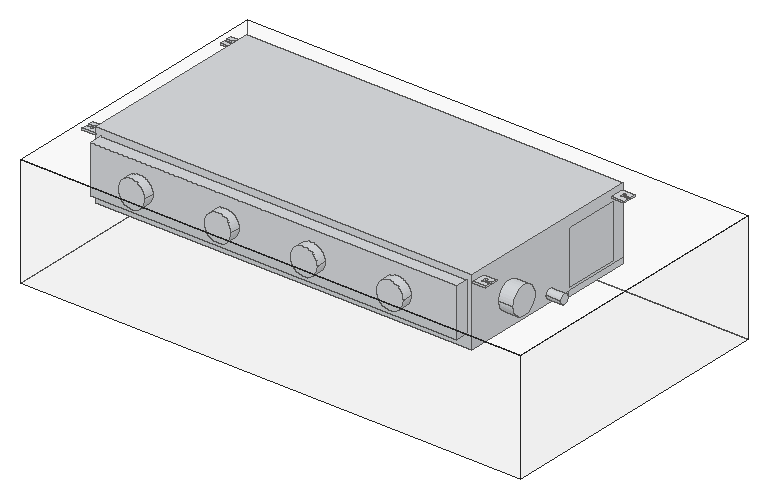
Revit family "pd-rp40_160ga17_50H_モデル修正z", category 機械設備, Revit 2019
Family settings
  丸型コネクタ寸法 = 直径を使用
  パーツ タイプ = 標準
  OmniClass 番号 = 23.75.10.24.21.27.27
  OmniClass タイトル = Split System Air Conditioning Units
  作業面ベース = いいえ
  常に垂直 = いいえ
  ロード時にボイドで切り取り = いいえ
  共有 = いいえ
  部屋計算ポイント = はい
Parameters (values of type "PD-RP112GA17")
  騒音レベル（弱）(dB) = 59
  騒音レベル（中）(dB) = 60
  風量（弱）（m3／min） = 20
  風量（中）（m3／min） = 24
  風量（m3／min） = 28
  音響パワーレベル(dB) = 62
  電圧_電気ヒーター = 0 V
  電動機出力_送風機 = 244 W
  運転質量 = 0.00 kg
  連動 = ""
  説明 = "店舗・事務所用パッケージエアコン(Mr.SLIM) 天井ビルトイン形"
  設計暖房能力 [instance] = 0 W
  設計冷房能力_顕熱 [instance] = 0 W
  設計冷房能力 [instance] = 0 W
  設置方法 = "天井吊(隠ぺい)形"
  製造元 = "三菱電機株式会社"
  製品質量 = 42.00 kg
  製品出荷対象 = "国内"
  製品リリース年月 = "2021年5月10日"
  製品グループ = ""
  系統 [instance] = ""
  相_電気ヒーター = 1
  盤記号 [instance] = ""
  特殊仕様 [instance] = ""
  火災停止 = ""
  消費電力_電気ヒーター = 0 W
  消費電力_暖房 = 190 W
  消費電力_加湿器 = 0 W
  消費電力_冷房 = 190 W
  消費電力 = if(消費電力_冷房 > 消費電力_暖房, 消費電力_冷房, 消費電力_暖房) + 消費電力_加湿器 + 消費電力_電気ヒーター  # 190 W
  法定耐用年数 = "15"
  機外静圧 = 10.0 Pa
  極数 = 3
  材質 [instance] = ""
  新鮮空気取入口 = 0 mm
  形式_加湿器 = ""
  形式 = "天井吊（隠ぺい）形（片ダクト形）"
  幹線記号 [instance] = ""
  呼称 = "室内機_天井吊(隠ぺい)形(⽚ダクト形)"
  台数_手元リモコン [instance] = ""
  台数_冷媒分岐ユニット [instance] = ""
  参照している仕様書等のバージョン = "公共建築工事標準仕様書（機械設備工事編）平成31年度版"
  加湿給水管径 = 0.00 mm
  分類コード = "50053003123050"
  分類グループ = ""
  冷媒高低圧ガス管径 = 0.00 mm
  価格 = 0
  企業コード = "108420"
  付属品_フィルター = ""
  付属品 [instance] = ""
  仕様書バージョン = "Version1.0"
  モデル = "PD-RP112GA17"
  パネルマテリアル = none
  チャンバーボックス [instance] = yes
  ダクト高 = 178 mm
  ダクト幅 = 1360 mm
  コメント [instance] = ""
  Keynote = ""
  Width = 1400 mm
  Version = ""
  Uniclass2015Version = "Systems v1.9"
  Uniclass2015Title = "Split coil remote air cooled condensing units"
  Uniclass2015Code = "Pr_70_65_03_84"
  URL = "https://www.mitsubishielectric.co.jp/ldg/wink/ssl/displayProduct.do?pid=310210"
  SpecificationReference = ""
  SpecificationDescription = ""
  風量 = MAX風量  # 1680.0 m³/h
  電源種別 = ""
  電圧 = 200 V
  質量 = if(製品質量 > 運転質量, 製品質量, 運転質量) * 1.2  # 50.40 kg
  負荷分類 = 3_ファン類
  記号 [instance] = ""
  符号 = "PAC-CIS"
  積算_科目 = "1 空気調和設備"
  積算_拾い区分 [instance] = ""
  相 = 1
  発停方法 = ""
  本体マテリアル = none
  有効加湿量 = 0
  暖房能力 = 11200 W
  始動方式 = "直入"
  周波数 = 50 Hz
  冷房能力 = 10000 W
  冷媒管径符号 = "Bd"
  冷媒管径 = 100.00 mm
  冷媒液管径 = 9.52 mm
  冷媒ガス管径 = 15.88 mm
  ドレン管径 = 32.00 mm
  Revision = ""
  ProductInformation = ""
  OmniClassCode = "23-33 17 13 11"
  MIN風量 = 風量（弱）（m3／min） * 60.0 m³/h  # 1200.0 m³/h
  MID風量 = 風量（中）（m3／min） * 60.0 m³/h  # 1440.0 m³/h
  MAX風量 = 風量（m3／min） * 60.0 m³/h  # 1680.0 m³/h
  IfcTypeProduct = ""
  IfcProduct = ""
  IfcExportType = "AIRCONDITIONINGUNIT"
  IfcExportAs = "IfcUnitaryEquipmentType"
  Height = 272 mm
  Depth = 701 mm
  Author = "三菱電機株式会社"
Types (9, lengths in mm): name | 騒音レベル（弱）(dB) | 騒音レベル（中）(dB) | 風量（弱）（m3／min） | 風量（中）（m3／min） | 風量（m3／min） | 音響パワーレベル(dB) | 電動機出力_送風機 | 製品質量 | 消費電力_暖房 | 消費電力_冷房 | 消費電力 | モデル | ダクト幅 | Width | URL | 風量 | 質量 | 暖房能力 | 冷房能力 | 冷媒管径符号 | 冷媒液管径 | 冷媒ガス管径 | MIN風量 | MID風量 | MAX風量
  PD-RP40GA17 | 52 | 55 | 10 | 12 | 14 | 58 | 85 W | 29.00 kg | 100 W | 100 W | 100 W | "PD-RP40GA17" | 860 | 900 | "https://www.mitsubishielectric.co.jp/ldg/wink/ssl/displayProduct.do?pid=310204" | 840.0 m³/h | 34.80 kg | 4000 W | 3600 W | "Ac" | 6.35 | 12.70 | 600.0 m³/h | 720.0 m³/h | 840.0 m³/h
  PD-RP50GA17 | 53 | 55 | 10 | 12 | 14 | 59 | 85 W | 29.00 kg | 100 W | 100 W | 100 W | "PD-RP50GA17" | 860 | 900 | "https://www.mitsubishielectric.co.jp/ldg/wink/ssl/displayProduct.do?pid=310205" | 840.0 m³/h | 34.80 kg | 5000 W | 4500 W | "Ac" | 6.35 | 12.70 | 600.0 m³/h | 720.0 m³/h | 840.0 m³/h
  PD-RP56GA17 | 53 | 56 | 10 | 12 | 14 | 59 | 85 W | 29.00 kg | 100 W | 100 W | 100 W | "PD-RP56GA17" | 860 | 900 | "https://www.mitsubishielectric.co.jp/ldg/wink/ssl/displayProduct.do?pid=310206" | 840.0 m³/h | 34.80 kg | 5600 W | 5000 W | "Ac" | 6.35 | 12.70 | 600.0 m³/h | 720.0 m³/h | 840.0 m³/h
  PD-RP63GA17 | 54 | 57 | 13 | 16 | 19 | 60 | 121 W | 33.00 kg | 100 W | 100 W | 100 W | "PD-RP63GA17" | 1060 | 1100 | "https://www.mitsubishielectric.co.jp/ldg/wink/ssl/displayProduct.do?pid=310206" | 1140.0 m³/h | 39.60 kg | 6300 W | 5600 W | "Ac" | 6.35 | 12.70 | 780.0 m³/h | 960.0 m³/h | 1140.0 m³/h
  PD-RP71GA17 | 55 | 57 | 13 | 16 | 19 | 60 | 121 W | 33.00 kg | 100 W | 100 W | 100 W | "PD-RP71GA17" | 1060 | 1100 | "https://www.mitsubishielectric.co.jp/ldg/wink/ssl/displayProduct.do?pid=310208" | 1140.0 m³/h | 39.60 kg | 7000 W | 6300 W | "Bd" | 9.52 | 15.88 | 780.0 m³/h | 960.0 m³/h | 1140.0 m³/h
  PD-RP80GA17 | 56 | 57 | 13 | 16 | 19 | 60 | 121 W | 33.00 kg | 100 W | 100 W | 100 W | "PD-RP80GA17" | 1060 | 1100 | "https://www.mitsubishielectric.co.jp/ldg/wink/ssl/displayProduct.do?pid=310209" | 1140.0 m³/h | 39.60 kg | 8000 W | 7100 W | "Bd" | 9.52 | 15.88 | 780.0 m³/h | 960.0 m³/h | 1140.0 m³/h
  PD-RP112GA17 | 59 | 60 | 20 | 24 | 28 | 62 | 244 W | 42.00 kg | 190 W | 190 W | 190 W | "PD-RP112GA17" | 1360 | 1400 | "https://www.mitsubishielectric.co.jp/ldg/wink/ssl/displayProduct.do?pid=310210" | 1680.0 m³/h | 50.40 kg | 11200 W | 10000 W | "Bd" | 9.52 | 15.88 | 1200.0 m³/h | 1440.0 m³/h | 1680.0 m³/h
  PD-RP140GA17 | 61 | 62 | 22 | 26 | 31 | 64 | 244 W | 42.00 kg | 220 W | 220 W | 220 W | "PD-RP140GA17" | 1360 | 1400 | "https://www.mitsubishielectric.co.jp/ldg/wink/ssl/displayProduct.do?pid=310233" | 1860.0 m³/h | 50.40 kg | 14000 W | 12500 W | "Bd" | 9.52 | 15.88 | 1320.0 m³/h | 1560.0 m³/h | 1860.0 m³/h
  PD-RP160GA17 | 63 | 65 | 24 | 29 | 34 | 67 | 244 W | 42.00 kg | 260 W | 260 W | 260 W | "PD-RP160GA17" | 1360 | 1400 | "https://www.mitsubishielectric.co.jp/ldg/wink/ssl/displayProduct.do?pid=310212" | 2040.0 m³/h | 50.40 kg | 16000 W | 14000 W | "Bd" | 9.52 | 15.88 | 1440.0 m³/h | 1740.0 m³/h | 2040.0 m³/h
Reference planes
  plane 1 "中心(正面/背面)": y = 0
  plane 2: z = 0
  plane 3 "中心(左/右)": x = 0
  plane 4: z = 272
  plane 5 "左": x = -700
  plane 6 "右": x = 700
  plane 7: y = 350.5
  plane 8: y = -350.5
  plane 9: y = 407.5
  plane 10: x = -740
  plane 11: x = 1120
  plane 12: y = -650.5
  plane 13: z = 282
  plane 14: z = -130
Lines and regions (mm)
  Masking region 1
    outline origin (0, 0, 2438.4) x (1, 0, 0) y (0, 1, 0)
      loop
        line (-700, 350.5) -> (-700, -350.5) -> (700, -350.5) -> (700, 350.5) -> (-700, 350.5)
Dimensions and locks
  "Width": plane 5 "左" to plane 6 "右"
  equal spacing: plane 5 "左", plane 3 "中心(左/右)", plane 6 "右"  (x2)
  equal spacing: plane 8, plane 1 "中心(正面/背面)", plane 7
  plane 8 to plane 7 = 701 mm
  "Height": plane 4 to plane 2
  locked: plane 10 to plane 5 "左" at 40
  locked: plane 6 "右" to plane 11 at 420
  locked: plane 7 to plane 9 at 57
  locked: plane 12 to plane 8 at 300
  locked: plane 13 to plane 4 at 10
  locked: plane 2 to plane 14 at 130
  aligned and locked: level to plane 2
  aligned and locked: plane 7 to Masking region 1 sketch curve
  aligned and locked: Masking region 1 sketch curve to plane 8
  aligned and locked: plane 3 "中心(左/右)" to nested 1
  aligned and locked: plane 1 "中心(正面/背面)" to nested 1
  aligned and locked: plane 11 to nested 2
  aligned and locked: plane 12 to nested 2
  aligned and locked: plane 10 to nested 2
  aligned and locked: plane 9 to nested 2
  aligned and locked: plane 14 to nested 2
  aligned and locked: plane 13 to nested 2
Automatic sketch dimensions
  Masking region 1 sketch curve to plane 5 "左" = 0 mm
  Masking region 1 sketch curve to plane 6 "右" = 0 mm
Nested families
  nested 1: "PD-RP-GA" at (0, 0, 0), ダクト幅 <- "ダクト幅", ダクト高 <- "ダクト高", ①奥行き <- "Depth", ①幅 <- "Width", type "PD-RP-GA"
    with 配管径 100 mm, 液径 9.52 mm, 液W 57 mm, 液H 122 mm, 液D 136 mm, 吊りボルトW 1454 mm, 吊りボルトH 20 mm, 吊りボルトD 643 mm, 加湿器径 0 mm, 加湿器W 0 mm, 加湿器H 0 mm, 加湿器D 0 mm, ドレン径 32 mm, ドレンW 58 mm, ドレンH 217 mm, ドレンD 356 mm, ダクト高 178 mm, ダクト幅 1360 mm, ダクト④ yes, ダクト③ yes, ダクト② yes, ダクト① yes, ガス径 15.88 mm, ガスW 78 mm, ガスH 33 mm, ガスD 67 mm, ①高さ 250 mm, ①幅 1400 mm, ①奥行き 701 mm, G 320 mm, F 320 mm, E 320 mm, D 220 mm
  nested 2: "サービススペース(PD-RP-GA)" at (190, -121.5, 76), type "サービススペース(PD-RP-GA)"
    with Width 1860 mm, Height 412 mm, Depth 1058 mm
Connectors
  electrical at (701, 200.5, 133), driven by "極数", driven by "負荷分類", driven by "電圧", driven by "消費電力"
    settings: on nested 1, index 1, voltage 200 V, apparent load 190 VA, apparent load phase1 0 VA, apparent load phase2 0 VA, apparent load phase3 0 VA, power factor 1, load classification "3_ファン類", number of poles 3, system type 30, power factor state 1, is connector primary yes, connector utility no, sub classification motor no, connector description ""
  piping at (757, -181, 133.5), diameter 100, driven by "冷媒管径", driven by "冷媒管径符号"
    settings: on nested 1, index 2, connector inside diameter 609.60 mm, connector length 0 mm, flow factor 0, pipe flow 0.0 L/s, pressure drop 0.0 Pa, fitting loss kfactor 0, connector angle 0.00°, fixture units 0, engagement length 0 mm, angle of deflection 0.00°, flow configuration 0, flow direction 1, fitting loss method 4, system type 7, joint type 0, gender type 0, connector reference index -1, connector utility 0, adjustable connector no, is connector primary yes, connector description "Bd"
  piping at (758, 5.5, 55), diameter 32, driven by "ドレン管径"
    settings: on nested 1, index 3, connector inside diameter 609.60 mm, connector length 0 mm, flow factor 0, pipe flow 0.0 L/s, pressure drop 0.0 Pa, fitting loss kfactor 0, connector angle 0.00°, fixture units 0, engagement length 0 mm, angle of deflection 0.00°, flow configuration 0, flow direction 2, fitting loss method 4, system type 16, joint type 0, gender type 0, connector reference index -1, connector utility 0, adjustable connector no, is connector primary no, connector description ""
  hvac at (0, -397.5, 160), driven by "ダクト高", driven by "ダクト幅"
    settings: on nested 1, index 4, duct flow 0.0 m³/h, flow factor 0, pres drop 0.0 Pa, loss coef 0, conn angle 0.00°, conn width 1360 mm, conn height 178 mm, conn diameter 609.6 mm, duct sys type 3, conn prof type 1, flow config 0, flow direction 2, loss method 4, conn ref index -1, conn util no, is conn primary yes, conn desc ""
Definition of nested family "PD-RP-GA"
  Parameters (values of type "PD-RP-GA")
    加湿器径 [instance] = 0 mm
    加湿器W [instance] = 0 mm
    加湿器H [instance] = 0 mm
    加湿器D [instance] = 0 mm
    液径 [instance] = 9.52 mm
    吊りボルトW [instance] = ①幅 + 54 mm  # 954 mm
    吊りボルトH [instance] = 20 mm
    吊りボルトD [instance] = 643 mm  # constant formula
    配管径 [instance] = 100 mm  # constant formula
    液W [instance] = 57 mm  # constant formula
    液H [instance] = 122 mm  # constant formula
    液D [instance] = 136 mm  # constant formula
    ドレン径 [instance] = 32 mm  # constant formula
    ドレンW [instance] = 58 mm  # constant formula
    ドレンH [instance] = 217 mm  # constant formula
    ドレンD [instance] = 356 mm  # constant formula
    ダクト高 [instance] = 178 mm
    ダクト幅 [instance] = 860 mm
    ダクト④ [instance] = ①幅 > 1300 mm  # no
    ダクト③ [instance] = ①幅 > 1000 mm  # no
    ダクト② [instance] = yes
    ダクト① [instance] = yes
    ガス径 [instance] = 15.88 mm
    ガスW [instance] = 78 mm  # constant formula
    ガスH [instance] = 33 mm  # constant formula
    ガスD [instance] = 67 mm  # constant formula
    ①幅 [instance] = 900 mm
    ①高さ [instance] = 250 mm
    ①奥行き [instance] = 701 mm
    G [instance] = 320 mm  # constant formula
    F [instance] = 320 mm  # constant formula
    E [instance] = if(①幅 = 1400 mm, 320 mm, if(①幅 = 1100 mm, 330 mm, 450 mm))  # 450 mm
    D [instance] = if(①幅 = 1400 mm, 220 mm, if(①幅 = 1100 mm, 230 mm, 225 mm))  # 225 mm
  Reference planes
    plane 1 "中心(正面/背面)": y = 0
    plane 2: z = 0
    plane 3 "中心(左/右)": x = 0
    plane 4: x = -450
    plane 5: x = 450
    plane 6: y = 350.5
    plane 7: y = -350.5
    plane 8: z = 272
    plane 9: y = 317.5
    plane 10: y = -325.5
    plane 11: x = -477
    plane 12: x = 477
    plane 13: y = 421.5
    plane 14: z = 252
    plane 15: z = 247
    plane 16: y = -397.5
    plane 17: x = 430
    plane 18: x = -430
    plane 19: y = -432.5
    plane 20: z = 71
    plane 21: z = 249
    plane 22: x = -500
    plane 23: x = 500
    plane 24: y = -300.5
    plane 25: y = 342.5
    plane 26: y = 292.5
    plane 27: x = -565
    plane 28: x = -245
    plane 29: x = 205
    plane 30: x = -885
    plane 31: z = 156
    plane 32: z = 22
    plane 33: y = 100.5
    plane 34: y = 5.5
    plane 35: y = -147.5
    plane 36: y = -214.5
    plane 37: y = -181
    plane 38: z = 150
    plane 39: z = 117
    plane 40: z = 133.5
    plane 41: x = 507
    plane 42: x = 508
    plane 43: z = 55
    plane 44: x = 451
  Forms (mm)
    Extrusion 1, solid, detail levels fine
      sketch origin (0, 0, 0) x (1, 0, 0) y (0, 1, 0)
        loop
          line (-450, 350.5) -> (-450, -350.5) -> (450, -350.5) -> (450, 350.5) -> (-450, 350.5)
      from 22 to 272
    Extrusion 2, solid, detail levels fine
      sketch origin (0, 0, 0) x (1, 0, 0) y (0, 0, 1)
        loop
          line (430, 249) -> (-430, 249) -> (-430, 71) -> (430, 71) -> (430, 249)
      from 350.5 to 397.5
    Extrusion 3, solid, detail levels fine
      sketch origin (0, 0, 0) x (1, 0, 0) y (0, 1, 0)
        loop
          line (450, 342.5) -> (450, 292.5) -> (500, 292.5) -> (500, 312.5) -> (482, 312.5)
          arc (482, 312.5) -> (477, 307.5) -> (472, 312.5) r 5
          line (472, 312.5) -> (472, 322.5)
          arc (472, 322.5) -> (477, 327.5) -> (482, 322.5) r 5
          line (482, 322.5) -> (500, 322.5) -> (500, 342.5) -> (450, 342.5)
        loop
          line (500, -300.5) -> (450, -300.5) -> (450, -350.5) -> (500, -350.5) -> (500, -330.5) -> (482, -330.5)
          arc (482, -330.5) -> (477, -335.5) -> (472, -330.5) r 5
          line (472, -330.5) -> (472, -320.5)
          arc (472, -320.5) -> (477, -315.5) -> (482, -320.5) r 5
          line (482, -320.5) -> (500, -320.5) -> (500, -300.5)
        loop
          line (-500, 342.5) -> (-500, 322.5) -> (-482, 322.5)
          arc (-482, 322.5) -> (-477, 327.5) -> (-472, 322.5) r 5
          line (-472, 322.5) -> (-472, 312.5)
          arc (-472, 312.5) -> (-477, 307.5) -> (-482, 312.5) r 5
          line (-482, 312.5) -> (-500, 312.5) -> (-500, 292.5) -> (-450, 292.5) -> (-450, 342.5) -> (-500, 342.5)
        loop
          line (-500, -300.5) -> (-500, -320.5) -> (-482, -320.5)
          arc (-482, -320.5) -> (-477, -315.5) -> (-472, -320.5) r 5
          line (-472, -320.5) -> (-472, -330.5)
          arc (-472, -330.5) -> (-477, -335.5) -> (-482, -330.5) r 5
          line (-482, -330.5) -> (-500, -330.5) -> (-500, -350.5) -> (-450, -350.5) -> (-450, -300.5) -> (-500, -300.5)
      from 247 to 252
    Extrusion 4, solid, visible <- "ダクト①", detail levels fine
      sketch origin (0, 0, 0) x (1, 0, 0) y (0, 0, 1)
        loop
          circle (205, 156) r 50
      from 397.5 to 432.5
    Extrusion 5, solid, detail levels fine
      sketch origin (0, 0, 0) x (1, 0, 0) y (0, 1, 0)
        loop
          line (-450, 350.5) -> (-450, 100.5) -> (450, 100.5) -> (450, 350.5) -> (-450, 350.5)
      from 0 to 22
    Extrusion 6, solid, detail levels fine
      sketch origin (0, 0, 0) x (0, 1, 0) y (0, 0, 1)
        loop
          circle (-181, 133.5) r 50
      from 450 to 507
    Extrusion 7, solid, detail levels fine
      sketch origin (0, 0, 0) x (0, 1, 0) y (0, 0, 1)
        loop
          circle (5.5, 55) r 16
      from 450 to 508
    Extrusion 8, solid, detail levels fine
      sketch origin (0, 0, 0) x (0, 1, 0) y (0, 0, 1)
        loop
          line (100.5, 231) -> (100.5, 35) -> (300.5, 35) -> (300.5, 231) -> (100.5, 231)
      from 450 to 451
    Extrusion 9, solid, visible <- "ダクト②", detail levels fine
      sketch origin (-180, 0, 0) x (1, 0, 0) y (0, 0, 1)
        loop
          circle (-65, 156) r 50
      from 397.5 to 432.5
    Extrusion 10, solid, visible <- "ダクト③", detail levels fine
      sketch origin (-360, 0, 0) x (1, 0, 0) y (0, 0, 1)
        loop
          circle (-205, 156) r 50
      from 397.5 to 432.5
    Extrusion 11, solid, visible <- "ダクト④", detail levels fine
      sketch origin (-540, 0, 0) x (1, 0, 0) y (0, 0, 1)
        loop
          circle (-345, 156) r 50
      from 397.5 to 432.5
  Dimensions and locks
    equal spacing: plane 7, plane 1 "中心(正面/背面)", plane 6
    "①奥行き": plane 7 to plane 6
    equal spacing: plane 4, plane 3 "中心(左/右)", plane 5
    "①幅": plane 4 to plane 5
    equal spacing: plane 11, plane 3 "中心(左/右)", plane 12
    "吊りボルトW": plane 11 to plane 12
    locked: plane 8 to plane 14 at 20
    locked: plane 14 to plane 15 at 5
    "ダクト幅": plane 17 to plane 18
    locked: plane 5 to plane 17 at 20
    "ダクト高": plane 21 to plane 20
    locked: plane 22 to plane 11 at 23
    locked: plane 12 to plane 23 at 23
    locked: plane 9 to plane 6 at 33
    "吊りボルトD": plane 10 to plane 9
    plane 26 to plane 9 to plane 25 = 25 mm locked, 25 mm locked
    plane 7 to plane 10 to plane 24 = 25 mm, 25 mm
    locked: plane 8 to plane 21 at 23
    locked: plane 16 to plane 7 at 47
    locked: plane 19 to plane 16 at 35
    "D": plane 29 to plane 17
    "E": plane 28 to plane 29
    "F": plane 27 to plane 28
    "G": plane 30 to plane 27
    locked: plane 8 to plane 31 at 116
    locked: plane 32 to level at 22
    "①高さ": plane 8 to plane 32
    locked: plane 33 to plane 6 at 250
    "液D": plane 7 to plane 36
    "ドレンD": plane 7 to plane 34
    "ガスD": plane 36 to plane 35
    equal spacing: plane 36, plane 37, plane 35
    "液H": plane 8 to plane 38
    "ガスH": plane 38 to plane 39
    equal spacing: plane 38, plane 40, plane 39
    "液W": plane 5 to plane 41
    "ドレンW": plane 5 to plane 42
    "ドレンH": plane 8 to plane 43
    plane 8 to plane 43 = 217 mm
    locked: plane 5 to plane 44 at 1
    radius of Extrusion 4 sketch curve = 50 mm
    "配管径": diameter of Extrusion 6 sketch curve
    "ドレン径": diameter of Extrusion 7 sketch curve
    radius of Extrusion 9 sketch curve = 50 mm
    radius of Extrusion 10 sketch curve = 50 mm
    radius of Extrusion 11 sketch curve = 50 mm
    aligned and locked: level to plane 2
    aligned and locked: plane 6 to Extrusion 1 sketch curve
    aligned and locked: plane 4 to Extrusion 1 sketch curve
    aligned and locked: Extrusion 1 sketch curve to plane 7
    aligned and locked: Extrusion 1 sketch curve to plane 5
    aligned and locked: plane 8 to Extrusion 1
    aligned and locked: plane 21 to Extrusion 2 sketch curve
    aligned and locked: plane 17 to Extrusion 2 sketch curve
    aligned and locked: Extrusion 2 sketch curve to plane 20
    aligned and locked: Extrusion 2 sketch curve to plane 18
    aligned and locked: plane 16 to Extrusion 2
    aligned and locked: Extrusion 2 to plane 7
    aligned and locked: plane 10 to nested 1
    aligned and locked: plane 11 to nested 1
    aligned and locked: plane 12 to nested 1
    aligned and locked: nested 1 to plane 9
    aligned and locked: plane 25 to Extrusion 3 sketch curve  (x2)
    aligned and locked: plane 5 to Extrusion 3 sketch curve
    aligned and locked: Extrusion 3 sketch curve to plane 26  (x2)
    aligned and locked: Extrusion 3 sketch curve to plane 23  (x2)
    aligned and locked: Extrusion 3 sketch curve to plane 24
    aligned and locked: plane 23 to Extrusion 3 sketch curve  (x2)
    aligned and locked: Extrusion 1 to Extrusion 3 sketch curve  (x2)
    aligned and locked: Extrusion 3 sketch curve to Extrusion 1  (x2)
    aligned and locked: plane 22 to Extrusion 3 sketch curve  (x4)
    aligned and locked: Extrusion 3 sketch curve to plane 4
    aligned and locked: plane 24 to Extrusion 3 sketch curve
    aligned and locked: plane 11 to Extrusion 3 sketch curve  (x4)
    aligned and locked: plane 12 to Extrusion 3 sketch curve  (x4)
    aligned and locked: plane 14 to Extrusion 3
    aligned and locked: Extrusion 3 to plane 15
    aligned and locked: plane 29 to Extrusion 4 sketch curve
    aligned and locked: plane 31 to Extrusion 4 sketch curve
    aligned and locked: plane 19 to Extrusion 4
    aligned and locked: Extrusion 4 to plane 16
    aligned and locked: Extrusion 1 to plane 32
    aligned and locked: Extrusion 5 sketch curve to Extrusion 1  (x2)
    aligned and locked: Extrusion 5 sketch curve to plane 33
    aligned and locked: Extrusion 5 sketch curve to plane 5
    aligned and locked: Extrusion 5 to Extrusion 1
    aligned and locked: plane 37 to Extrusion 6 sketch curve
    aligned and locked: plane 40 to Extrusion 6 sketch curve
    aligned and locked: Extrusion 6 to plane 5
    aligned and locked: plane 41 to Extrusion 6
    aligned and locked: plane 34 to Extrusion 7 sketch curve
    aligned and locked: plane 43 to Extrusion 7 sketch curve
    aligned and locked: plane 42 to Extrusion 7
    aligned and locked: Extrusion 7 to plane 5
    aligned and locked: plane 44 to Extrusion 8
    aligned and locked: Extrusion 8 to plane 5
    aligned and locked: plane 28 to Extrusion 9 sketch curve
    aligned and locked: plane 31 to Extrusion 9 sketch curve
    aligned and locked: plane 27 to Extrusion 10 sketch curve
    aligned and locked: plane 31 to Extrusion 10 sketch curve
    aligned and locked: plane 30 to Extrusion 11 sketch curve
    aligned and locked: plane 31 to Extrusion 11 sketch curve
    aligned and locked: plane 19 to Extrusion 11
    aligned and locked: Extrusion 11 to plane 16
    aligned and locked: plane 19 to Extrusion 10
    aligned and locked: Extrusion 10 to plane 16
    aligned and locked: plane 19 to Extrusion 9
    aligned and locked: Extrusion 9 to plane 16
  Automatic sketch dimensions
    Extrusion 3 sketch curve to plane 11 = 5 mm  (x2)
    Extrusion 3 sketch curve to plane 12 = 5 mm  (x2)
    plane 10 to Extrusion 3 sketch curve = 5 mm  (x3)
    Extrusion 3 sketch curve to plane 10 = 5 mm  (x2)
    plane 9 to Extrusion 3 sketch curve = 5 mm  (x3)
    Extrusion 3 sketch curve to plane 9 = 5 mm  (x2)
    Extrusion 3 sketch curve to Extrusion 3 sketch curve = 0 mm  (x3)
    Extrusion 8 sketch curve to plane 33 = 0 mm
    Extrusion 8 sketch curve to plane 26 = 8 mm
    plane 32 to Extrusion 8 sketch curve = 13 mm
    Extrusion 8 sketch curve to plane 15 = 16 mm
  Nested families
    nested 1: "固定点" at (-477, -325.5, 0), type "固定点", detail levels fine
      with W 954 mm, D 643 mm, 中心円 10 mm
  Definition of nested family "固定点"
    Parameters (values of type "固定点")
      中心円 = 20 mm
      W [instance] = 1000 mm
      D [instance] = 1000 mm
    Reference planes
      plane 1 "中心(正面/背面)": y = 0
      plane 2: z = 0
      plane 3 "中心(左/右)": x = 0
      plane 4: x = 1000
      plane 5: y = 1000
    Lines and regions (mm)
      symbolic lines, detail levels fine
        curve 1: circle (0, 1000, 0) r 10 normal (0, 0, 1)
        curve 2: circle (0, 0, 0) r 10 normal (0, 0, 1)
        curve 3: circle (1000, 1000, 0) r 10 normal (0, 0, 1)
        curve 4: circle (1000, 0, 0) r 10 normal (0, 0, 1)
        curve 5: line (-200, 1000, 0) -> (1200, 1000, 0)
        curve 6: line (-200, 0, 0) -> (1200, 0, 0)
        curve 7: line (0, 1200, 0) -> (0, -200, 0)
        curve 8: line (1000, 1200, 0) -> (1000, -200, 0)
    Dimensions and locks
      "W": plane 3 "中心(左/右)" to plane 4
      "D": plane 1 "中心(正面/背面)" to plane 5
      "中心円": diameter of curve 1
      "中心円": diameter of curve 2
      "中心円": diameter of curve 3
      "中心円": diameter of curve 4
      aligned and locked: level to plane 2
      aligned and locked: plane 5 to curve 1
      aligned and locked: plane 3 "中心(左/右)" to curve 1
      aligned and locked: plane 3 "中心(左/右)" to curve 2
      aligned and locked: plane 1 "中心(正面/背面)" to curve 2
      aligned and locked: plane 4 to curve 3
      aligned and locked: plane 5 to curve 3
      aligned and locked: plane 1 "中心(正面/背面)" to curve 4
      aligned and locked: plane 4 to curve 4
      aligned and locked: plane 1 "中心(正面/背面)" to curve 6
      aligned and locked: curve 7 to plane 3 "中心(左/右)"
      aligned and locked: curve 8 to plane 4
    Automatic sketch dimensions
      curve 5 to plane 5 = 0 mm
      curve 6 to plane 3 "中心(左/右)" = 200 mm
      curve 5 to plane 3 "中心(左/右)" = 200 mm
      curve 4 to curve 6 = 200 mm
      curve 3 to curve 5 = 200 mm
      plane 1 "中心(正面/背面)" to curve 8 = 200 mm
      plane 1 "中心(正面/背面)" to curve 7 = 200 mm
      curve 3 to curve 8 = 200 mm
      curve 1 to curve 7 = 200 mm
Definition of nested family "サービススペース(PD-RP-GA)"
  Parameters (values of type "サービススペース")
    Width [instance] = 500 mm
    Height [instance] = 500 mm
    Depth [instance] = 500 mm
  Reference planes
    plane 1 "中心(正面/背面)": y = 0
    plane 2: z = 0
    plane 3 "中心(左/右)": x = 0
    plane 4: y = -250
    plane 5: x = 250
    plane 6: y = 250
    plane 7: x = -250
    plane 8: z = 250
    plane 9: z = -250
  Forms (mm)
    Extrusion 1, solid
      sketch origin (-638.939, 0, 72.39) x (1, 0, 0) y (0, 1, 0)
        loop
          line (388.939, 250) -> (388.939, -250) -> (888.939, -250) -> (888.939, 250) -> (388.939, 250)
      from -322.39 to 177.61
  Lines and regions (mm)
    symbolic lines
      curve 1: line (-250, 0, 250) -> (250, 0, 250)
      curve 2: line (-250, 0, -250) -> (-250, 0, 250)
      curve 3: line (250, 0, -250) -> (-250, 0, -250)
      curve 4: line (250, 0, 250) -> (250, 0, -250)
      curve 5: line (0, -250, 250) -> (0, 250, 250)
      curve 6: line (0, -250, -250) -> (0, -250, 250)
      curve 7: line (0, 250, -250) -> (0, -250, -250)
      curve 8: line (0, 250, 250) -> (0, 250, -250)
      curve 9: line (-250, 250, 0) -> (250, 250, 0)
      curve 10: line (-250, -250, 0) -> (-250, 250, 0)
      curve 11: line (250, -250, 0) -> (-250, -250, 0)
      curve 12: line (250, 250, 0) -> (250, -250, 0)
  Dimensions and locks
    equal spacing: plane 7, plane 3 "中心(左/右)", plane 5
    equal spacing: plane 4, plane 1 "中心(正面/背面)", plane 6
    "Depth": plane 4 to plane 6
    "Width": plane 7 to plane 5
    equal spacing: plane 8, plane 2, plane 9
    "Height": plane 8 to plane 9
    aligned and locked: plane 9 to curve 3
    aligned and locked: plane 7 to curve 2
    aligned and locked: curve 4 to plane 5
    aligned and locked: plane 5 to Extrusion 1
    aligned and locked: Extrusion 1 to plane 7
    aligned and locked: Extrusion 1 to plane 9
    aligned and locked: plane 8 to Extrusion 1
    aligned and locked: plane 9 to curve 7
  Automatic sketch dimensions
    plane 4 to Extrusion 1 sketch curve = 0 mm
    Extrusion 1 sketch curve to plane 7 = 0 mm
    Extrusion 1 sketch curve to plane 5 = 0 mm
    plane 6 to Extrusion 1 sketch curve = 0 mm
    curve 2 to plane 8 = 0 mm
    plane 4 to curve 11 = 0 mm
    curve 11 to plane 7 = 0 mm
    curve 11 to plane 5 = 0 mm
    plane 6 to curve 10 = 0 mm
    curve 7 to plane 4 = 0 mm
    curve 7 to plane 6 = 0 mm
    curve 6 to plane 8 = 0 mm
